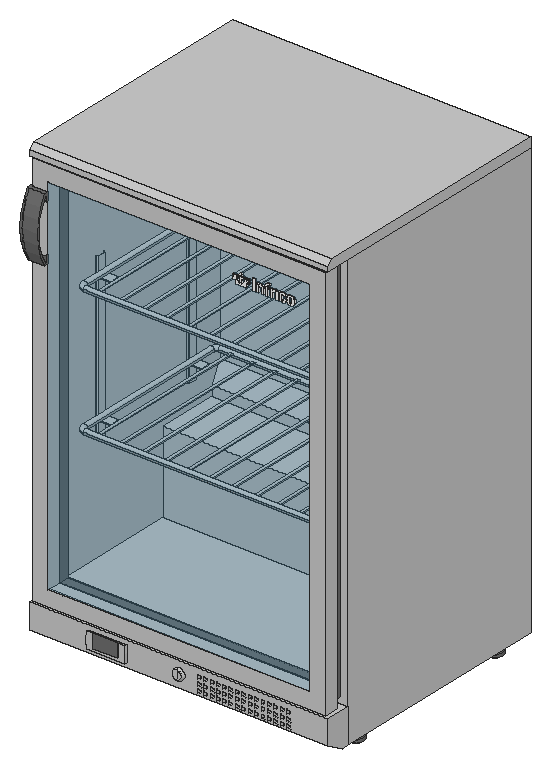
Revit family "QF_INFRICO_ERV15II_250806114532", category Specialty Equipment, Revit 2021
Family settings
  Round Connector Dimension = Use Diameter
  Part Type = Normal
  OmniClass Number = 23.40.40.14
  OmniClass Title = Food Service Equipment
  Work Plane-Based = No
  Always vertical = Yes
  Cut with Voids When Loaded = No
  Shared = No
  Room Calculation Point = No
Parameters (values of type "ERV15II")
  Weight [instance] = 60.9991 kg
  Warranty Start Date [instance] = ""
  Warranty Duration [instance] = ""
  Volts [instance] = 230 V
  Volt Free Conn [instance] = no
  URL Recommended Spares List [instance] = ""
  URL Manufacturer [instance] = ""
  URL Cutsheet [instance] = ""
  URL Critical Spares List [instance] = ""
  URL = "www.infrico.com"
  Technical Documentation [instance] = ""
  Tag Number [instance] = ""
  Status [instance] = ""
  Start Up Current [instance] = 0 A
  Specification by User [instance] = ""
  Specification by Manufacturer [instance] = ""
  Sound Level [instance] = ""
  Show Logo [instance] = yes
  Show Clearances [instance] = yes
  Service Life Duration [instance] = ""
  Serial Number [instance] = ""
  Seismic Rating [instance] = ""
  SMACNA No [instance] = ""
  Revision Code [instance] = ""
  Revision [instance] = ""
  Production Year [instance] = ""
  Potential Equalisation [instance] = no
  Point Load [instance] = 0
  Phase [instance] = 1
  Other Equipment Approvals [instance] = ""
  Operational Current [instance] = 0 A
  Number of Poles [instance] = 2
  No Load Power Draw [instance] = no
  NAFEM Spec ID Number [instance] = ""
  Model Warning [instance] = ""
  Model = "ERV15II"
  Min Ckt Ampacity [instance] = 0 A
  Max Overcurrent Protection [instance] = 0 A
  Masterspec [instance] = ""
  Manufacturer = "INFRICO"
  Main switch integrated [instance] = no
  Length Actual [instance] = 599.948 mm
  Item Number [instance] = ""
  Installed By [instance] = ""
  Installation Date [instance] = ""
  Identify Quantity as Lot [instance] = no
  ID [instance] = ""
  Hygiene Approval [instance] = ""
  Height Actual [instance] = 919.988 mm
  HP power [instance] = ""
  Furnished By [instance] = ""
  Foodservice Equipment Identifier [instance] = no
  FL Amps [instance] = 0 A
  Electrical Remarks [instance] = ""
  Electric power [instance] = 210 W
  Electric Connection Type [instance] = ""
  Elec Conn RI Height [instance] = 0 mm
  Elec Conn Connection Height [instance] = 0 mm
  ETL Approved [instance] = no
  Description = "STAINLESS STEEL BACK-BAR 920 MM HEIGHT - ONE DOOR - R290"
  Depth Actual [instance] = 510.032 mm
  Default Elevation = 0 mm
  Cycle [instance] = 50 Hz
  Cost = 0
  Connection to energy optimisation system [instance] = yes
  Conn Plug [instance] = ""
  Conn Conduit [instance] = no
  Centralized building control system with digital interface [instance] = ""
  CSI MasterFormat [instance] = ""
  CE Approved [instance] = no
  Barcode [instance] = 0
  Author [instance] = ""
  Asset Identifier [instance] = ""
  Apparent Power [instance] = 210 VA
  Accessory [instance] = no
Reference planes
  plane 1 "Center (Front/Back)": y = 0
  plane 2: z = 0
  plane 3 "Center (Left/Right)": x = 0
Forms (mm)
  Extrusion 1, solid, not visible
    sketch origin (308.015, -4, 35.002) x (1, 0, 0) y (0, 1, 0)
      loop
        line (-2, 2) -> (-2, -2) -> (2, -2) -> (2, 2) -> (-2, 2)
    from -2 to 2
Dimensions and locks
  locked: Extrusion 1 to nested 2
  locked: nested 2 to Extrusion 1 at 2
  aligned and locked: level to plane 2
Nested families
  nested 1: "QF_INFRICO_ERV15II_2920" at (0, 0, 0), type "ERV15II"
    with Weight 60.9991 kg, Warranty Start Date "", Warranty Duration "", URL Cutsheet "", Technical Documentation "", Tag Number "", Status "", Specification by User "", Specification by Manufacturer "", Sound Level "", Solid Fuel Type "", Show Logo yes, Show Clearances yes, Show Clearance yes, Service Life Duration "", Serial Number "", Seismic Rating "", SMACNA No "", Revision Code "", Revision "", Production Year "", Point Load 0, Other Equipment Approvals "", NAFEM Spec ID Number "", Model Warning "", Masterspec "", Length Actual 599.948 mm, Item Number "", Installed By "", Installation Date "", Identify Quantity as Lot yes, ID "", Hygiene Approval "", Height Actual 919.988 mm, Furnished By "", Foodservice Equipment Identifier yes, ETL Approved yes, Depth Actual 510.032 mm, CSI MasterFormat "", CE Approved no, Barcode "", Author "", Asset Identifier "", Accessory no
  nested 2: "CONN_POINT_ELE_2D___Generic_Annotation" at (308.015, -2, 35.002), type "CONN_POINT_ELE_2D___Generic_Annotation"
    with Onboard connection annotation symbol visibility yes
Connectors
  electrical at (308.015, -2, 35.002), driven by "Apparent Power", driven by "Number of Poles", driven by "Volts"
    settings: on Extrusion 1, index 1, voltage 230 V, apparent load 0 VA, apparent load phase1 210 VA, apparent load phase2 0 VA, apparent load phase3 0 VA, power factor 1, load classification "Other", number of poles 2, system type 31, power factor state 1, is connector primary yes, connector utility no, sub classification motor no, connector description "Electrical connection for ERV15II"
Definition of nested family "QF_INFRICO_ERV15II_2920"
  Parameters (values of type "ERV15II")
    Weight [instance] = 0.00 kg
    Warranty Start Date [instance] = ""
    Warranty Duration [instance] = ""
    URL Cutsheet [instance] = ""
    URL = "www.infrico.com"
    Technical Documentation [instance] = ""
    Tag Number [instance] = ""
    Status [instance] = ""
    Specification by User [instance] = ""
    Specification by Manufacturer [instance] = ""
    Sound Level [instance] = ""
    Solid Fuel Type [instance] = ""
    Show Logo [instance] = yes
    Show Clearances [instance] = yes
    Show Clearance [instance] = yes
    Service Life Duration [instance] = ""
    Serial Number [instance] = ""
    Seismic Rating [instance] = ""
    SMACNA No [instance] = ""
    Revision Code [instance] = ""
    Revision [instance] = ""
    Production Year [instance] = ""
    Point Load [instance] = 0
    Other Equipment Approvals [instance] = ""
    NAFEM Spec ID Number [instance] = ""
    Model Warning [instance] = ""
    Model = "ERV15II"
    Masterspec [instance] = ""
    Manufacturer = "INFRICO"
    Length Actual [instance] = 0 mm
    Item Number [instance] = ""
    Installed By [instance] = ""
    Installation Date [instance] = ""
    Identify Quantity as Lot [instance] = yes
    ID [instance] = ""
    Hygiene Approval [instance] = ""
    Height Actual [instance] = 0 mm
    Furnished By [instance] = ""
    Foodservice Equipment Identifier [instance] = yes
    ETL Approved [instance] = yes
    Description = "STAINLESS STEEL BACK-BAR 920 MM HEIGHT - ONE DOOR - R290"
    Depth Actual [instance] = 0 mm
    Default Elevation = 0 mm
    CSI MasterFormat [instance] = ""
    CE Approved [instance] = yes
    Barcode [instance] = ""
    Author [instance] = ""
    Asset Identifier [instance] = ""
    Assembly Code = "E1090320"
    Accessory [instance] = yes
  Reference planes
    plane 1 "Back": y = 0
    plane 2: z = 0
    plane 3 "Left": x = 0
    plane 4 "Right": x = 600
    plane 5 "Front": y = -510
    plane 6 "Top": z = 920
  Forms (mm)
    Extrusion 1, solid
      sketch origin (0, 0, -18) x (0, 1, 0) y (0, 0, 1)
        loop
          line (0, 905) -> (-460, 905) -> (-460, 30) -> (0, 30) -> (0, 905)
      from 0 to 30
    Extrusion 2, solid
      sketch origin (0, 0, -13) x (0, 1, 0) y (0, 0, 1)
        loop
          line (0, 900) -> (0, 920) -> (-500, 920) -> (-510, 910) -> (-510, 900) -> (0, 900)
      from 0 to 600
    Extrusion 3, solid
      sketch origin (570, 0, -18) x (0, 1, 0) y (0, 0, 1)
        loop
          line (0, 905) -> (-460, 905) -> (-460, 30) -> (0, 30) -> (0, 905)
      from 0 to 30
    Extrusion 4, solid
      sketch origin (0, 0, -13) x (1, 0, 0) y (0, 0, 1)
        loop
          line (30, 900) -> (30, 254) -> (570, 254) -> (570, 900) -> (30, 900)
      from 0 to 12
    Extrusion 5, solid
      sketch origin (0, 0, -13) x (1, 0, 0) y (0, 0, 1)
        loop
          line (30, 254) -> (30, 25) -> (570, 25) -> (570, 254) -> (30, 254)
      from 0 to 12
    Extrusion 6, solid
      sketch origin (0, 0, -13) x (0, 1, 0) y (0, 0, 1)
        loop
          line (-12, 25) -> (-12, 35) -> (-460, 35) -> (-460, 25) -> (-12, 25)
      from 30 to 570
    Extrusion 7, solid
      sketch origin (0, 0, -112) x (0, 1, 0) y (0, 0, 1)
        loop
          line (-460, 144) -> (-510, 144) -> (-473, 124) -> (-460, 124) -> (-460, 144)
      from 0 to 600
    Extrusion 8, solid
      sketch origin (-856, -515, -482) x (1, 0, 0) y (0, 0, -1)
        loop
          arc (974, -555) -> (1012.5, -557) -> (1051, -555) r 371.563
          arc (1051, -555) -> (1052, -539) -> (1051, -523) r 128.5
          arc (1051, -523) -> (1012.5, -521) -> (974, -523) r 371.563
          arc (974, -523) -> (973, -539) -> (974, -555) r 128.5
      from 0 to 5
    Extrusion 9, solid
      sketch origin (-856, -515.1, -482) x (1, 0, 0) y (0, 0, -1)
        loop
          line (1038, -528.124) -> (987, -528.124) -> (987, -556.124)
          arc (987, -556.124) -> (1012.5, -557) -> (1038, -556.124) r 371.563
          line (1038, -556.124) -> (1038, -528.124)
      from 0 to 2
    Extrusion 10, solid
      sketch origin (0, -480, -13) x (1, 0, 0) y (0, 0, 1)
        loop
          line (5, 897.5) -> (5, 97.5) -> (595, 97.5) -> (595, 897.5) -> (5, 897.5)
        loop
          line (563, 865.5) -> (37, 865.5) -> (37, 129.5) -> (563, 129.5) -> (563, 865.5)
      from 0 to 30
    Extrusion 11, solid
      sketch origin (-1000, -460, -13) x (1, 0, 0) y (0, 0, 1)
        loop
          line (1015, 887.5) -> (1015, 107.5) -> (1585, 107.5) -> (1585, 887.5) -> (1015, 887.5)
        loop
          line (1037, 865.5) -> (1037, 129.5) -> (1563, 129.5) -> (1563, 865.5) -> (1037, 865.5)
      from 0 to 20
    Extrusion 12, solid, visible <- "Show Logo"
      sketch origin (-753.231, -510, 106.214) x (1, 0, 0) y (0, 0, 1)
        loop
          line (1208.799, 696.53) -> (1208.799, 719.204) -> (1204.173, 719.204) -> (1204.173, 696.53) -> (1208.799, 696.53)
        loop
          line (1214.779, 713.006) -> (1211.283, 713.006) -> (1211.283, 696.53) -> (1215.772, 696.53) -> (1215.772, 707.832)
          arc (1215.772, 707.832) -> (1217.528, 708.741) -> (1219.417, 709.324) r 11.052
          arc (1219.417, 709.324) -> (1220.929, 708.961) -> (1221.598, 707.557) r 1.806
          line (1221.598, 707.557) -> (1221.598, 696.53) -> (1226.121, 696.53) -> (1226.121, 708.689)
          arc (1226.121, 708.689) -> (1224.637, 712.075) -> (1221.141, 713.281) r 4.607
          arc (1221.141, 713.281) -> (1218.282, 712.674) -> (1215.669, 711.361) r 11.435
          line (1215.669, 711.361) -> (1215.601, 712.184)
          arc (1215.601, 712.184) -> (1215.36, 712.765) -> (1214.779, 713.006) r 0.822
        loop
          line (1238.557, 720.102) -> (1237.306, 720.102)
          arc (1237.306, 720.102) -> (1235.052, 719.926) -> (1232.881, 719.297) r 11.103
          arc (1232.881, 719.297) -> (1230.805, 717.616) -> (1230.024, 715.062) r 4.567
          line (1230.024, 715.062) -> (1230.024, 712.909) -> (1227.351, 712.703) -> (1227.351, 709.374) -> (1230.024, 709.374) -> (1230.024, 696.53) -> (1234.547, 696.53) -> (1234.547, 709.374) -> (1238.249, 709.374) -> (1238.249, 712.938) -> (1234.547, 712.938) -> (1234.547, 714.548)
          arc (1234.547, 714.548) -> (1234.956, 715.705) -> (1236.045, 716.271) r 1.67
          line (1236.045, 716.271) -> (1237.7, 716.399)
          arc (1237.7, 716.399) -> (1238.306, 716.65) -> (1238.557, 717.255) r 0.857
          line (1238.557, 717.255) -> (1238.557, 720.102)
        loop
          line (1239.479, 713.006) -> (1239.479, 696.53) -> (1243.968, 696.53) -> (1243.968, 707.352)
          arc (1243.968, 707.352) -> (1245.873, 708.631) -> (1248.077, 709.268) r 7.435
          line (1248.077, 709.268) -> (1249.241, 709.416)
          arc (1249.241, 709.416) -> (1249.643, 709.758) -> (1249.793, 710.265) r 0.928
          line (1249.793, 710.265) -> (1249.793, 712.458)
          arc (1249.793, 712.458) -> (1249.531, 713.061) -> (1248.912, 713.28) r 0.824
          arc (1248.912, 713.28) -> (1246.197, 712.588) -> (1243.899, 710.984) r 7.833
          line (1243.899, 710.984) -> (1243.726, 713.006) -> (1239.479, 713.006)
        loop
          line (1255.495, 696.53) -> (1255.495, 713.006) -> (1251.006, 713.006) -> (1251.006, 696.53) -> (1255.495, 696.53)
        loop
          arc (1257.421, 701.327) -> (1258.567, 698.188) -> (1261.466, 696.525) r 4.873
          arc (1261.466, 696.525) -> (1264.493, 696.266) -> (1267.521, 696.525) r 17.816
          arc (1267.521, 696.525) -> (1270.575, 699.134) -> (1271.505, 703.041) r 6.481
          line (1271.505, 703.041) -> (1267.187, 703.041) -> (1267.187, 701.67)
          arc (1267.187, 701.67) -> (1266.64, 700.452) -> (1265.442, 699.865) r 1.965
          arc (1265.442, 699.865) -> (1264.547, 699.816) -> (1263.653, 699.865) r 8.196
          arc (1263.653, 699.865) -> (1262.417, 700.415) -> (1261.91, 701.67) r 1.806
          line (1261.91, 701.67) -> (1261.91, 707.9)
          arc (1261.91, 707.9) -> (1262.417, 709.155) -> (1263.653, 709.705) r 1.806
          arc (1263.653, 709.705) -> (1264.547, 709.754) -> (1265.442, 709.705) r 8.196
          arc (1265.442, 709.705) -> (1266.64, 709.118) -> (1267.187, 707.9) r 1.965
          line (1267.187, 707.9) -> (1267.187, 706.838) -> (1271.505, 706.838)
          arc (1271.505, 706.838) -> (1270.524, 710.556) -> (1267.521, 712.959) r 6.132
          arc (1267.521, 712.959) -> (1264.493, 713.294) -> (1261.466, 712.959) r 13.851
          arc (1261.466, 712.959) -> (1258.571, 711.349) -> (1257.421, 708.243) r 4.772
          line (1257.421, 708.243) -> (1257.421, 701.327)
        loop
          arc (1272.916, 701.329) -> (1273.993, 698.345) -> (1276.726, 696.734) r 4.676
          arc (1276.726, 696.734) -> (1278.515, 696.455) -> (1280.318, 696.291) r 28.371
          arc (1280.318, 696.291) -> (1282.122, 696.455) -> (1283.911, 696.734) r 28.371
          arc (1283.911, 696.734) -> (1286.644, 698.345) -> (1287.72, 701.329) r 4.676
          line (1287.72, 701.329) -> (1287.72, 708.242)
          arc (1287.72, 708.242) -> (1286.644, 711.226) -> (1283.911, 712.837) r 4.676
          arc (1283.911, 712.837) -> (1282.122, 713.116) -> (1280.318, 713.28) r 28.371
          arc (1280.318, 713.28) -> (1278.515, 713.116) -> (1276.726, 712.837) r 28.371
          arc (1276.726, 712.837) -> (1273.993, 711.226) -> (1272.916, 708.242) r 4.676
          line (1272.916, 708.242) -> (1272.916, 701.329)
        loop
          line (1277.405, 707.866) -> (1277.405, 701.705)
          arc (1277.405, 701.705) -> (1277.844, 700.556) -> (1278.936, 699.991) r 1.725
          arc (1278.936, 699.991) -> (1279.627, 699.918) -> (1280.318, 699.856) r 46.133
          arc (1280.318, 699.856) -> (1281.01, 699.918) -> (1281.701, 699.991) r 46.133
          arc (1281.701, 699.991) -> (1282.793, 700.556) -> (1283.231, 701.705) r 1.725
          line (1283.231, 701.705) -> (1283.231, 707.866)
          arc (1283.231, 707.866) -> (1282.793, 709.015) -> (1281.701, 709.58) r 1.725
          arc (1281.701, 709.58) -> (1281.01, 709.653) -> (1280.318, 709.716) r 46.133
          arc (1280.318, 709.716) -> (1279.627, 709.653) -> (1278.936, 709.58) r 46.133
          arc (1278.936, 709.58) -> (1277.844, 709.015) -> (1277.405, 707.866) r 1.725
        loop
          arc (1190.339, 696.543) -> (1191.411, 696.987) -> (1191.856, 698.059) r 1.516
          line (1191.856, 698.059) -> (1191.856, 703.891) -> (1196.035, 703.891)
          arc (1196.035, 703.891) -> (1196.79, 704.121) -> (1197.218, 704.782) r 1.147
          line (1197.218, 704.782) -> (1197.218, 706.211)
          arc (1197.218, 706.211) -> (1196.787, 707.258) -> (1195.719, 707.634) r 1.385
          line (1195.719, 707.634) -> (1194.52, 707.634) -> (1197.218, 710.332)
          arc (1197.218, 710.332) -> (1197.605, 711.266) -> (1197.218, 712.2) r 1.321
          line (1197.218, 712.2) -> (1196.495, 712.923)
          arc (1196.495, 712.923) -> (1195.54, 713.338) -> (1194.558, 712.991) r 1.422
          line (1194.558, 712.991) -> (1191.853, 710.286) -> (1191.853, 711.479)
          arc (1191.853, 711.479) -> (1191.443, 712.516) -> (1190.435, 712.992) r 1.516
          line (1190.435, 712.992) -> (1189.514, 712.992)
          arc (1189.514, 712.992) -> (1188.511, 712.514) -> (1188.103, 711.479) r 1.516
          line (1188.103, 711.479) -> (1188.103, 706.83) -> (1182.073, 701.336) -> (1182.073, 707.509) -> (1185.639, 711.075)
          arc (1185.639, 711.075) -> (1186.053, 712.073) -> (1185.639, 713.071) r 1.412
          line (1185.639, 713.071) -> (1184.987, 713.723)
          arc (1184.987, 713.723) -> (1183.939, 714.141) -> (1182.915, 713.667) r 1.428
          line (1182.915, 713.667) -> (1182.073, 712.825) -> (1182.073, 717.784)
          arc (1182.073, 717.784) -> (1181.658, 718.787) -> (1180.655, 719.203) r 1.418
          line (1180.655, 719.203) -> (1179.726, 719.203)
          arc (1179.726, 719.203) -> (1178.723, 718.787) -> (1178.308, 717.784) r 1.418
          line (1178.308, 717.784) -> (1178.308, 712.825) -> (1177.466, 713.667)
          arc (1177.466, 713.667) -> (1176.442, 714.141) -> (1175.394, 713.723) r 1.428
          line (1175.394, 713.723) -> (1174.742, 713.071)
          arc (1174.742, 713.071) -> (1174.328, 712.073) -> (1174.742, 711.075) r 1.412
          line (1174.742, 711.075) -> (1178.308, 707.509) -> (1178.308, 701.336) -> (1172.278, 706.83) -> (1172.278, 711.479)
          arc (1172.278, 711.479) -> (1171.87, 712.514) -> (1170.867, 712.992) r 1.516
          line (1170.867, 712.992) -> (1169.946, 712.992)
          arc (1169.946, 712.992) -> (1168.938, 712.516) -> (1168.528, 711.479) r 1.516
          line (1168.528, 711.479) -> (1168.528, 710.286) -> (1165.823, 712.991)
          arc (1165.823, 712.991) -> (1164.841, 713.338) -> (1163.886, 712.923) r 1.422
          line (1163.886, 712.923) -> (1163.163, 712.2)
          arc (1163.163, 712.2) -> (1162.776, 711.266) -> (1163.163, 710.332) r 1.321
          line (1163.163, 710.332) -> (1165.861, 707.634) -> (1164.662, 707.634)
          arc (1164.662, 707.634) -> (1163.594, 707.258) -> (1163.163, 706.211) r 1.385
          line (1163.163, 706.211) -> (1163.163, 704.782)
          arc (1163.163, 704.782) -> (1163.591, 704.121) -> (1164.346, 703.891) r 1.147
          line (1164.346, 703.891) -> (1168.525, 703.891) -> (1168.525, 698.059)
          arc (1168.525, 698.059) -> (1168.969, 696.987) -> (1170.042, 696.543) r 1.516
          line (1170.042, 696.543) -> (1190.339, 696.543)
      from 0 to 2
    Extrusion 13, solid
      sketch origin (-1000, -510, -63) x (1, 0, 0) y (0, 0, 1)
        loop
          line (1005, 897.5) -> (1005, 895.5) -> (1037, 880.5) -> (1037, 897.5) -> (1005, 897.5)
      from 0 to 3
    Extrusion 14, solid
      sketch origin (-1000, -510, 1602) x (1, 0, 0) y (0, 0, 1)
        loop
          line (1005, -897.5) -> (1037, -897.5) -> (1037, -880.5) -> (1005, -895.5) -> (1005, -897.5)
      from 0 to 3
    Extrusion 15, solid
      sketch origin (-1000, 0, -13) x (0, 1, 0) y (0, 0, 1)
        loop
          line (-513, 845.5) -> (-513, 847.5) -> (-518.104, 847.5)
          arc (-518.104, 847.5) -> (-537.038, 782.5) -> (-518.104, 717.5) r 121.038
          line (-518.104, 717.5) -> (-513, 717.5) -> (-513, 719.5) -> (-517, 719.5)
          arc (-517, 719.5) -> (-535.038, 782.5) -> (-517, 845.5) r 119.038
          line (-517, 845.5) -> (-513, 845.5)
      from 1005 to 1037
    Extrusion 16, solid
      sketch origin (-1000, 0, 584.5) x (1, 0, 0) y (0, 1, 0)
        loop
          line (1005, -513) -> (1005, -487) -> (1002, -490) -> (1002, -513) -> (1005, -513)
      from 120 to 250
    Extrusion 17, solid
      sketch origin (-1000, 0, -13) x (0, 1, 0) y (0, 0, 1)
        loop
          line (-513, 847.5) -> (-518.104, 847.5)
          arc (-518.104, 847.5) -> (-537.038, 782.5) -> (-518.104, 717.5) r 121.038
          line (-518.104, 717.5) -> (-513, 717.5) -> (-513, 847.5)
      from 1002 to 1005
    Revolve 18, solid
      sketch origin (15, -70, 0) x (0, 1, 0) y (0, 0, 1)
        loop
          line (0, 0) -> (0, 12) -> (-5, 12) -> (-5, 9.5) -> (-13, 9.5)
          arc (-13, 9.5) -> (-14.414, 8.914) -> (-15, 7.5) r 2
          line (-15, 7.5) -> (-15, 2.5) -> (-12, 2.5) -> (-12, 0) -> (0, 0)
        axis (0, 0) -> (0, 12)
      angle from 0 to 360
    Revolve 19, solid
      sketch origin (15, -420, 0) x (0, 1, 0) y (0, 0, 1)
        loop
          line (0, 0) -> (0, 12) -> (-5, 12) -> (-5, 9.5) -> (-13, 9.5)
          arc (-13, 9.5) -> (-14.414, 8.914) -> (-15, 7.5) r 2
          line (-15, 7.5) -> (-15, 2.5) -> (-12, 2.5) -> (-12, 0) -> (0, 0)
        axis (0, 0) -> (0, 12)
      angle from 0 to 360
    Revolve 20, solid
      sketch origin (585, -70, 0) x (0, 1, 0) y (0, 0, 1)
        loop
          line (0, 0) -> (0, 12) -> (-5, 12) -> (-5, 9.5) -> (-13, 9.5)
          arc (-13, 9.5) -> (-14.414, 8.914) -> (-15, 7.5) r 2
          line (-15, 7.5) -> (-15, 2.5) -> (-12, 2.5) -> (-12, 0) -> (0, 0)
        axis (0, 0) -> (0, 12)
      angle from 0 to 360
    Revolve 21, solid
      sketch origin (585, -420, 0) x (0, 1, 0) y (0, 0, 1)
        loop
          line (0, 0) -> (0, 12) -> (-5, 12) -> (-5, 9.5) -> (-13, 9.5)
          arc (-13, 9.5) -> (-14.414, 8.914) -> (-15, 7.5) r 2
          line (-15, 7.5) -> (-15, 2.5) -> (-12, 2.5) -> (-12, 0) -> (0, 0)
        axis (0, 0) -> (0, 12)
      angle from 0 to 360
    Revolve 22, solid
      sketch origin (300, 0, 13.5) x (0, 1, 0) y (0, 0, 1)
        loop
          line (-515, 34.5) -> (-510, 32) -> (-510, 43.5) -> (-515, 43.5) -> (-515, 34.5)
        axis (-510, 43.5) -> (-515, 43.5)
      angle from 0 to 360
    Extrusion 23, solid
      sketch origin (0, 0, -815) x (0, 1, 0) y (0, 0, 1)
        loop
          line (-460, 931.5) -> (-460, 919.5) -> (-204, 919.5) -> (-204, 1084.5) -> (-81, 1084.5) -> (-81, 1113.667) -> (-61, 1153.667) -> (-61, 1494.333) -> (-81, 1534.333) -> (-81, 1693.5) -> (-460, 1693.5) -> (-460, 1681.5) -> (-93, 1681.5) -> (-93, 1531.5) -> (-73, 1491.5) -> (-73, 1156.5) -> (-93, 1116.5) -> (-93, 1096.5) -> (-216, 1096.5) -> (-216, 931.5) -> (-460, 931.5)
      from 30 to 570
    Extrusion 24, solid, visible <- "Show Clearance", detail levels coarse
      sketch origin (600, 0, 0) x (-1, 0, 0) y (0, -1, 0)
        loop
          line (5, 510) -> (595, 510)
          arc (595, 510) -> (430.98, 905.98) -> (35, 1070) r 560
          line (35, 1070) -> (5, 1070) -> (5, 510)
      from 84.5 to 884.5
    Extrusion 25, solid
      sketch origin (-1000, -508, 0) x (1, 0, 0) y (0, 0, 1)
        loop
          line (1037, 852.5) -> (1037, 116.5) -> (1563, 116.5) -> (1563, 852.5) -> (1037, 852.5)
      from 0 to 2
    Extrusion 26, solid
      sketch origin (-925.627, -156, 332.5) x (1, 0, 0) y (0, 1, 0)
        loop
          line (957.627, 0) -> (958.627, 0) -> (958.627, 1) -> (962.627, 3) -> (962.627, 18) -> (958.627, 20) -> (958.627, 21) -> (957.627, 21) -> (957.627, 19.382) -> (961.627, 17.382) -> (961.627, 3.618) -> (957.627, 1.618) -> (957.627, 0)
      from 0 to 330
    Extrusion 27, solid
      sketch origin (-829.627, -156, 625.5) x (1, 0, 0) y (0, 1, 0)
        loop
          line (862.627, 21) -> (862.627, 20) -> (866.627, 18) -> (866.627, 3) -> (862.627, 1) -> (862.627, 0) -> (892.627, 0) -> (892.627, 21) -> (862.627, 21)
      from 0 to 2
    Extrusion 28, solid
      sketch origin (-829.627, -156, 367.5) x (1, 0, 0) y (0, 1, 0)
        loop
          line (862.627, 21) -> (862.627, 20) -> (866.627, 18) -> (866.627, 3) -> (862.627, 1) -> (862.627, 0) -> (892.627, 0) -> (892.627, 21) -> (862.627, 21)
      from 0 to 2
    Extrusion 29, solid
      sketch origin (-925.627, -386, 332.5) x (1, 0, 0) y (0, 1, 0)
        loop
          line (957.627, 0) -> (958.627, 0) -> (958.627, 1) -> (962.627, 3) -> (962.627, 18) -> (958.627, 20) -> (958.627, 21) -> (957.627, 21) -> (957.627, 19.382) -> (961.627, 17.382) -> (961.627, 3.618) -> (957.627, 1.618) -> (957.627, 0)
      from 0 to 330
    Extrusion 30, solid
      sketch origin (-829.627, -386, 625.5) x (1, 0, 0) y (0, 1, 0)
        loop
          line (862.627, 21) -> (862.627, 20) -> (866.627, 18) -> (866.627, 3) -> (862.627, 1) -> (862.627, 0) -> (892.627, 0) -> (892.627, 21) -> (862.627, 21)
      from 0 to 2
    Extrusion 31, solid
      sketch origin (-829.627, -386, 367.5) x (1, 0, 0) y (0, 1, 0)
        loop
          line (862.627, 21) -> (862.627, 20) -> (866.627, 18) -> (866.627, 3) -> (862.627, 1) -> (862.627, 0) -> (892.627, 0) -> (892.627, 21) -> (862.627, 21)
      from 0 to 2
    Extrusion 32, solid
      sketch origin (1525.627, -156, 332.5) x (-1, 0, 0) y (0, -1, 0)
        loop
          line (957.627, 0) -> (957.627, -1.618) -> (961.627, -3.618) -> (961.627, -17.382) -> (957.627, -19.382) -> (957.627, -21) -> (958.627, -21) -> (958.627, -20) -> (962.627, -18) -> (962.627, -3) -> (958.627, -1) -> (958.627, 0) -> (957.627, 0)
      from 0 to 330
    Extrusion 33, solid
      sketch origin (1429.627, -156, 625.5) x (-1, 0, 0) y (0, -1, 0)
        loop
          line (862.627, -21) -> (892.627, -21) -> (892.627, 0) -> (862.627, 0) -> (862.627, -1) -> (866.627, -3) -> (866.627, -18) -> (862.627, -20) -> (862.627, -21)
      from 0 to 2
    Extrusion 34, solid
      sketch origin (1429.627, -156, 367.5) x (-1, 0, 0) y (0, -1, 0)
        loop
          line (862.627, -21) -> (892.627, -21) -> (892.627, 0) -> (862.627, 0) -> (862.627, -1) -> (866.627, -3) -> (866.627, -18) -> (862.627, -20) -> (862.627, -21)
      from 0 to 2
    Extrusion 35, solid
      sketch origin (1525.627, -386, 332.5) x (-1, 0, 0) y (0, -1, 0)
        loop
          line (957.627, 0) -> (957.627, -1.618) -> (961.627, -3.618) -> (961.627, -17.382) -> (957.627, -19.382) -> (957.627, -21) -> (958.627, -21) -> (958.627, -20) -> (962.627, -18) -> (962.627, -3) -> (958.627, -1) -> (958.627, 0) -> (957.627, 0)
      from 0 to 330
    Extrusion 36, solid
      sketch origin (1429.627, -386, 625.5) x (-1, 0, 0) y (0, -1, 0)
        loop
          line (862.627, -21) -> (892.627, -21) -> (892.627, 0) -> (862.627, 0) -> (862.627, -1) -> (866.627, -3) -> (866.627, -18) -> (862.627, -20) -> (862.627, -21)
      from 0 to 2
    Extrusion 37, solid
      sketch origin (1429.627, -386, 367.5) x (-1, 0, 0) y (0, -1, 0)
        loop
          line (862.627, -21) -> (892.627, -21) -> (892.627, 0) -> (862.627, 0) -> (862.627, -1) -> (866.627, -3) -> (866.627, -18) -> (862.627, -20) -> (862.627, -21)
      from 0 to 2
    Extrusion 38, solid
      sketch origin (0, 0, 0) x (0, 1, 0) y (0, 0, 1)
        loop
          line (-460, 878.5) -> (-458, 878.5) -> (-458, 887) -> (-460, 887) -> (-460, 878.5)
      from 30 to 570
    Extrusion 39, solid
      sketch origin (0, 0, -782.5) x (0, 1, 0) y (0, 0, 1)
        loop
          line (-460, 864.5) -> (-458, 864.5) -> (-458, 887) -> (-460, 887) -> (-460, 864.5)
      from 30 to 570
    Sweep 40, solid
      path origin (-1000, 0, 632.5) x (1, 0, 0) y (0, 1, 0)
        loop
          arc (1052, -95) -> (1044.929, -97.929) -> (1042, -105) r 10
          line (1042, -105) -> (1042, -425)
          arc (1042, -425) -> (1044.929, -432.071) -> (1052, -435) r 10
          line (1052, -435) -> (1548, -435)
          arc (1548, -435) -> (1555.071, -432.071) -> (1558, -425) r 10
          line (1558, -425) -> (1558, -105)
          arc (1558, -105) -> (1555.071, -97.929) -> (1548, -95) r 10
          line (1548, -95) -> (1052, -95)
      profile origin (300, -95, 632.5) x (0, 1, 0) y (0, 0, 1)
        loop
          circle (0, 0) r 5
    Extrusion 41, solid
      sketch origin (-1000, 0, 0) x (1, 0, 0) y (0, 0, 1)
        loop
          line (1000, 82) -> (1000, 32) -> (1600, 32) -> (1600, 82) -> (1000, 82)
        loop
          line (1388, 70) -> (1388, 62) -> (1396, 62) -> (1396, 70) -> (1388, 70)
        loop
          line (1401, 70) -> (1401, 62) -> (1409, 62) -> (1409, 70) -> (1401, 70)
        loop
          line (1414, 70) -> (1414, 62) -> (1422, 62) -> (1422, 70) -> (1414, 70)
        loop
          line (1427, 70) -> (1427, 62) -> (1435, 62) -> (1435, 70) -> (1427, 70)
        loop
          line (1440, 70) -> (1440, 62) -> (1448, 62) -> (1448, 70) -> (1440, 70)
        loop
          line (1453, 70) -> (1453, 62) -> (1461, 62) -> (1461, 70) -> (1453, 70)
        loop
          line (1466, 70) -> (1466, 62) -> (1474, 62) -> (1474, 70) -> (1466, 70)
        loop
          line (1479, 70) -> (1479, 62) -> (1487, 62) -> (1487, 70) -> (1479, 70)
        loop
          line (1492, 70) -> (1492, 62) -> (1500, 62) -> (1500, 70) -> (1492, 70)
        loop
          line (1505, 70) -> (1505, 62) -> (1513, 62) -> (1513, 70) -> (1505, 70)
        loop
          line (1518, 70) -> (1518, 62) -> (1526, 62) -> (1526, 70) -> (1518, 70)
        loop
          line (1338.062, 70) -> (1338.062, 62) -> (1346.062, 62) -> (1346.062, 70) -> (1338.062, 70)
        loop
          line (1351.062, 70) -> (1351.062, 62) -> (1359.062, 62) -> (1359.062, 70) -> (1351.062, 70)
        loop
          line (1364.062, 70) -> (1364.062, 62) -> (1372.062, 62) -> (1372.062, 70) -> (1364.062, 70)
        loop
          line (1377.062, 70) -> (1377.062, 62) -> (1385.062, 62) -> (1385.062, 70) -> (1377.062, 70)
        loop
          line (1388, 57) -> (1388, 49) -> (1396, 49) -> (1396, 57) -> (1388, 57)
        loop
          line (1401, 57) -> (1401, 49) -> (1409, 49) -> (1409, 57) -> (1401, 57)
        loop
          line (1414, 57) -> (1414, 49) -> (1422, 49) -> (1422, 57) -> (1414, 57)
        loop
          line (1427, 57) -> (1427, 49) -> (1435, 49) -> (1435, 57) -> (1427, 57)
        loop
          line (1440, 57) -> (1440, 49) -> (1448, 49) -> (1448, 57) -> (1440, 57)
        loop
          line (1453, 57) -> (1453, 49) -> (1461, 49) -> (1461, 57) -> (1453, 57)
        loop
          line (1466, 57) -> (1466, 49) -> (1474, 49) -> (1474, 57) -> (1466, 57)
        loop
          line (1479, 57) -> (1479, 49) -> (1487, 49) -> (1487, 57) -> (1479, 57)
        loop
          line (1492, 57) -> (1492, 49) -> (1500, 49) -> (1500, 57) -> (1492, 57)
        loop
          line (1505, 57) -> (1505, 49) -> (1513, 49) -> (1513, 57) -> (1505, 57)
        loop
          line (1518, 57) -> (1518, 49) -> (1526, 49) -> (1526, 57) -> (1518, 57)
        loop
          line (1338.062, 57) -> (1338.062, 49) -> (1346.062, 49) -> (1346.062, 57) -> (1338.062, 57)
        loop
          line (1351.062, 57) -> (1351.062, 49) -> (1359.062, 49) -> (1359.062, 57) -> (1351.062, 57)
        loop
          line (1364.062, 57) -> (1364.062, 49) -> (1372.062, 49) -> (1372.062, 57) -> (1364.062, 57)
        loop
          line (1377.062, 57) -> (1377.062, 49) -> (1385.062, 49) -> (1385.062, 57) -> (1377.062, 57)
        loop
          line (1388, 44) -> (1388, 36) -> (1396, 36) -> (1396, 44) -> (1388, 44)
        loop
          line (1401, 44) -> (1401, 36) -> (1409, 36) -> (1409, 44) -> (1401, 44)
        loop
          line (1414, 44) -> (1414, 36) -> (1422, 36) -> (1422, 44) -> (1414, 44)
        loop
          line (1427, 44) -> (1427, 36) -> (1435, 36) -> (1435, 44) -> (1427, 44)
        loop
          line (1440, 44) -> (1440, 36) -> (1448, 36) -> (1448, 44) -> (1440, 44)
        loop
          line (1453, 44) -> (1453, 36) -> (1461, 36) -> (1461, 44) -> (1453, 44)
        loop
          line (1466, 44) -> (1466, 36) -> (1474, 36) -> (1474, 44) -> (1466, 44)
        loop
          line (1479, 44) -> (1479, 36) -> (1487, 36) -> (1487, 44) -> (1479, 44)
        loop
          line (1492, 44) -> (1492, 36) -> (1500, 36) -> (1500, 44) -> (1492, 44)
        loop
          line (1505, 44) -> (1505, 36) -> (1513, 36) -> (1513, 44) -> (1505, 44)
        loop
          line (1518, 44) -> (1518, 36) -> (1526, 36) -> (1526, 44) -> (1518, 44)
        loop
          line (1338.062, 44) -> (1338.062, 36) -> (1346.062, 36) -> (1346.062, 44) -> (1338.062, 44)
        loop
          line (1351.062, 44) -> (1351.062, 36) -> (1359.062, 36) -> (1359.062, 44) -> (1351.062, 44)
        loop
          line (1364.062, 44) -> (1364.062, 36) -> (1372.062, 36) -> (1372.062, 44) -> (1364.062, 44)
        loop
          line (1377.062, 44) -> (1377.062, 36) -> (1385.062, 36) -> (1385.062, 44) -> (1377.062, 44)
      from 460 to 510
    Extrusion 42, solid
      sketch origin (-1000, 5, -800.5) x (1, 0, 0) y (0, 0, 1)
        loop
          circle (1345, 1433) r 2.5
        loop
          circle (1390, 1433) r 2.5
        loop
          circle (1435, 1433) r 2.5
        loop
          circle (1480, 1433) r 2.5
        loop
          circle (1525, 1433) r 2.5
        loop
          circle (1075, 1433) r 2.5
        loop
          circle (1120, 1433) r 2.5
        loop
          circle (1165, 1433) r 2.5
        loop
          circle (1210, 1433) r 2.5
        loop
          circle (1255, 1433) r 2.5
        loop
          circle (1300, 1433) r 2.5
      from 100 to 440
    Extrusion 43, solid
      sketch origin (30, 1500, 0) x (0, 1, 0) y (0, 0, 1)
        loop
          line (-1960, 866.5) -> (-1960, 116.5) -> (-1716, 116.5) -> (-1716, 281.5) -> (-1593, 281.5) -> (-1593, 301.5) -> (-1573, 341.5) -> (-1573, 676.5) -> (-1593, 716.5) -> (-1593, 866.5) -> (-1960, 866.5)
      from 0 to 2
    Extrusion 44, solid
      sketch origin (568, 1500, 0) x (0, 1, 0) y (0, 0, 1)
        loop
          line (-1960, 866.5) -> (-1960, 116.5) -> (-1716, 116.5) -> (-1716, 281.5) -> (-1593, 281.5) -> (-1593, 301.5) -> (-1573, 341.5) -> (-1573, 676.5) -> (-1593, 716.5) -> (-1593, 866.5) -> (-1960, 866.5)
      from 0 to 2
    Sweep 45, solid
      path origin (-1000, 0, 374.5) x (1, 0, 0) y (0, 1, 0)
        loop
          arc (1052, -95) -> (1044.929, -97.929) -> (1042, -105) r 10
          line (1042, -105) -> (1042, -425)
          arc (1042, -425) -> (1044.929, -432.071) -> (1052, -435) r 10
          line (1052, -435) -> (1548, -435)
          arc (1548, -435) -> (1555.071, -432.071) -> (1558, -425) r 10
          line (1558, -425) -> (1558, -105)
          arc (1558, -105) -> (1555.071, -97.929) -> (1548, -95) r 10
          line (1548, -95) -> (1052, -95)
      profile origin (300, -95, 374.5) x (0, 1, 0) y (0, 0, 1)
        loop
          circle (0, 0) r 5
    Extrusion 46, solid
      sketch origin (-1000, 5, -1058.5) x (1, 0, 0) y (0, 0, 1)
        loop
          circle (1345, 1433) r 2.5
        loop
          circle (1390, 1433) r 2.5
        loop
          circle (1435, 1433) r 2.5
        loop
          circle (1480, 1433) r 2.5
        loop
          circle (1525, 1433) r 2.5
        loop
          circle (1075, 1433) r 2.5
        loop
          circle (1120, 1433) r 2.5
        loop
          circle (1165, 1433) r 2.5
        loop
          circle (1210, 1433) r 2.5
        loop
          circle (1255, 1433) r 2.5
        loop
          circle (1300, 1433) r 2.5
      from 100 to 440
  Cuts and joins
    joined: Extrusion 13, Extrusion 14, Extrusion 15, Extrusion 16, Extrusion 17
    joined: Extrusion 1, Extrusion 3, Extrusion 38, Extrusion 39
    joined: Extrusion 7, Extrusion 41
  Lines and regions (mm)
    symbolic lines
      curve 1: line (0, 0, 0) -> (600, 0, 0)
      curve 2: line (0, -510, 0) -> (0, 0, 0)
      curve 3: line (600, -510, 0) -> (0, -510, 0)
      curve 4: line (600, 0, 0) -> (600, -510, 0)
      curve 5: line (0, -500, 0) -> (600, -500, 0)
    symbolic lines, visible <- "Show Clearance"
      curve 6: arc (5, -510, 0) -> (169.02, -905.98, 0) -> (565, -1070, 0) r 560
      curve 7: line (565, -1070, 0) -> (595, -1070, 0)
      curve 8: line (595, -1070, 0) -> (595, -510, 0)
  Dimensions and locks
    plane 1 "Back" to plane 5 "Front" = 510 mm  (x2)
    plane 3 "Left" to plane 4 "Right" = 600 mm
    plane 6 "Top" to level = 920 mm  (x2)
    plane 4 "Right" to plane 3 "Left" = 600 mm
    aligned and locked: level to plane 2
Definition of nested family "CONN_POINT_ELE_2D___Generic_Annotation"
  Parameters (values of type "CONN_POINT_ELE_2D___Generic_Annotation")
    Onboard connection annotation symbol visibility [instance] = yes
  Reference planes
    plane 1: y = 0
    plane 2: x = 0
  Lines and regions (mm)
    detail lines, visible <- "Onboard connection annotation symbol visibility"
      curve 1: circle (0, 0, 0) r 0.5 normal (0, 0, 1)
      curve 2: line (-1, 0, 0) -> (1, 0, 0)
      curve 3: line (0, 1, 0) -> (0, -1, 0)
      curve 4: line (2.5, 1, 0) -> (1.25, 1, 0)
      curve 5: line (1.25, 1, 0) -> (1.25, -1, 0)
      curve 6: line (1.25, -1, 0) -> (2.5, -1, 0)
      curve 7: line (1.25, 0, 0) -> (2, 0, 0)
